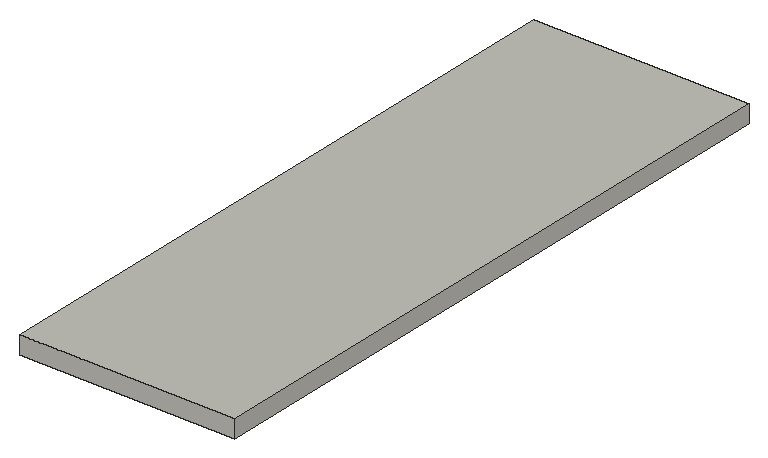
Revit family "Cambio Wall Systems - Acoustic - Fabric 18x54", category Generic Models, host Face, Revit 2023
Family settings
  Host = Face
  Can host rebar = No
  Round Connector Dimension = Use Diameter
  Part Type = Normal
  Cut with Voids When Loaded = No
  Maintain Annotation Orientation = No
  Shared = No
  Room Calculation Point = No
Parameters (values of type "Fabric Color - ZINC")
  Default Elevation = 4' - 0"
  Cambio Material = Cambio Fabric - Zinc
Types (13): name | Cambio Material
  Fabric Color - ZINC | Cambio Fabric - Zinc
  Fabric Color - TAUPE | Cambio Fabric - Taupe
  Fabric Color - STERLING | Cambio Fabric - Sterling
  Fabric Color - SLATE | Cambio Fabric - Sterling
  Fabric Color - SHADOW | Cambio Fabric - Shadow
  Fabric Color - SAND | Cambio Fabric - Sand
  Fabric Color - PEBBLE | Cambio Fabric - Pebble
  Fabric Color - PATINA | Cambio Fabric - Patina
  Fabric Color - NECTAR | Cambio Fabric - Nectar
  Fabric Color - FLINT | Cambio Fabric - Flint
  Fabric Color - FELDSPAR | Cambio Fabric - Feldspar
  Fabric Color - CHARCOAL | Cambio Fabric - Charcoal
  Fabric Color - ALMOND | Cambio Fabric - Almond
Reference planes (in)
  plane 1 "Center (Front/Back)": y = 0
  plane 2: z = 0
  plane 3 "Center (Left/Right)": x = 0
Forms (in)
  Extrusion 1, solid, material "Cambio Fabric - Zinc" <- "Cambio Material"
    sketch origin (0, 0, 0) x (1, 0, 0) y (0, 1, 0)
      loop
        line (-9, 27) -> (-9, -27) -> (9, -27) -> (9, 27) -> (-9, 27)
    from 0 to 1.5
Dimensions and locks (in)
  Extrusion 1 sketch curve to plane 3 "Center (Left/Right)" to Extrusion 1 sketch curve = 0' - 9" locked, 0' - 9" locked
  Extrusion 1 sketch curve to plane 1 "Center (Front/Back)" to Extrusion 1 sketch curve = 2' - 3" locked, 2' - 3" locked
  aligned and locked: plane 2 to host face
  aligned and locked: level to host face
